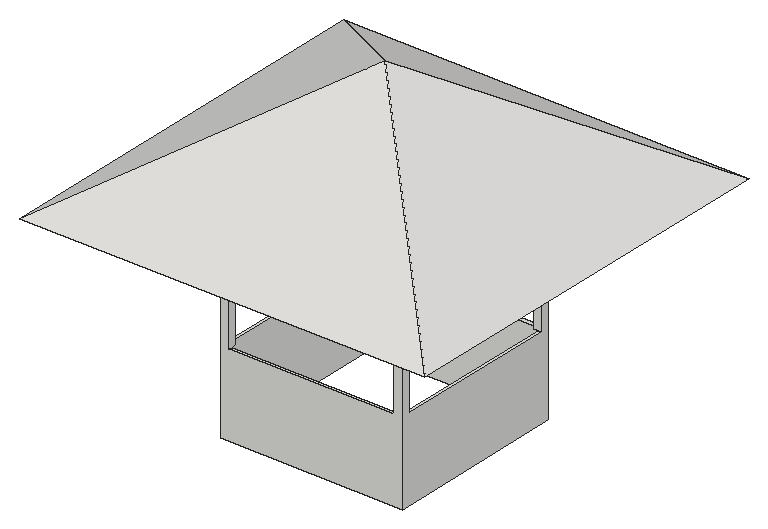
Revit family "НЕВАТОМ_Козырек защитный ВР, версия 1", category Оборудование, Revit 2017
Family settings
  Размер круглого соединителя = Использовать диаметр
  Тип детали = Нормальный
  На основе рабочей плоскости = Нет
  Всегда вертикально = Нет
  При загрузке вырезать с полостями = Нет
  Общий = Нет
  Точка расчета площади = Нет
Parameters (values of type "Козырек защитный  ВР №3,15")
  толщина козырька = 4 mm
  вверх вырез = H + 10 mm  # 410 mm
  С = 490 mm
  Nevatom_URL = "https://t.me/NEVATOM_Bim_bot"
  L = 100 mm
  H1 = 250 mm
  H = 400 mm
  ADSK_Примечание = ""
  ADSK_Позиция = ""
  ADSK_Наименование = "Козырек защитный  ВР №3,15"
  ADSK_Материал наименование = "сталь оцинкованная"
  ADSK_Марка = "ВР №3,15"
  ADSK_Количество = 1  # constant formula
  ADSK_Код изделия = ""
  ADSK_Завод-изготовитель = "НЕВАТОМ"  # constant formula
  ADSK_Единица измерения = "шт."  # constant formula
  A = 220.5 mm
Types (15, lengths in mm): name | вверх вырез | С | L | H1 | H | ADSK_Наименование | ADSK_Марка | A
  (no name) | 410 | 490 | 100 | 250 | 400 | "Козырек защитный  ВР №3,15" | "ВР №3,15" | 220.5
  Козырек защитный  ВР №2,0 | 280 | 310 | 100 | 200 | 270 | "Козырек защитный  ВР №2,0" | "ВР №2,0" | 140
  Козырек защитный  ВР №2,5 | 280 | 360 | 100 | 200 | 270 | "Козырек защитный  ВР №2,5" | "ВР №2,5" | 175
  Козырек защитный  ВР №3,15 | 410 | 490 | 100 | 250 | 400 | "Козырек защитный  ВР №3,15" | "ВР №3,15" | 220.5
  Козырек защитный  ВР №4,0 | 410 | 540 | 100 | 250 | 400 | "Козырек защитный  ВР №4,0" | "ВР №4,0" | 280
  Козырек защитный  ВР №4,5 | 410 | 540 | 100 | 250 | 400 | "Козырек защитный  ВР №4,5" | "ВР №4,5" | 315
  Козырек защитный  ВР №5,0 | 410 | 590 | 100 | 250 | 400 | "Козырек защитный  ВР №5,0" | "ВР №5,0" | 350
  Козырек защитный  ВР №5,6 | 410 | 640 | 100 | 250 | 400 | "Козырек защитный  ВР №5,6" | "ВР №5,6" | 392
  Козырек защитный  ВР №6,3 | 410 | 655 | 100 | 250 | 400 | "Козырек защитный  ВР №6,3" | "ВР №6,3" | 441
  Козырек защитный  ВР №7,1 | 410 | 690 | 100 | 250 | 400 | "Козырек защитный  ВР №7,1" | "ВР №7,1" | 497
  Козырек защитный  ВР №8,0 | 490 | 950 | 30 | 280 | 480 | "Козырек защитный  ВР №8,0" | "ВР №8,0" | 560
  Козырек защитный  ВР №9,0 | 490 | 1050 | 30 | 280 | 480 | "Козырек защитный  ВР №9,0" | "ВР №9,0" | 630
  Козырек защитный  ВР №10,0 | 490 | 1100 | 30 | 280 | 480 | "Козырек защитный  ВР №10,0" | "ВР №10,0" | 700
  Козырек защитный  ВР №11,2 | 590 | 1280 | 30 | 330 | 580 | "Козырек защитный  ВР №11,2" | "ВР №11,2" | 784
  Козырек защитный  ВР №12,5 | 590 | 1330 | 30 | 330 | 580 | "Козырек защитный  ВР №12,5" | "ВР №12,5" | 875
Reference planes
  plane 1 "По центру (Вперед/Назад)": y = 0
  plane 2: z = 0
  plane 3 "По центру (Влево/Вправо)": x = 0
  plane 4: z = 400
  plane 5: y = 110.25
  plane 6: x = -110.25
  plane 7: y = -110.25
  plane 8: x = 110.25
  plane 9: z = 100
  plane 10: z = 250
  plane 11: x = -245
  plane 12: x = 245
  plane 13: y = -245
  plane 14: y = 245
  plane 15: z = 410
Forms (mm)
  Extrusion 1, solid, material "Сталь оцинкованная"
    sketch origin (0, 0, 0) x (1, 0, 0) y (0, 1, 0)
      loop
        line (-110.25, 110.25) -> (-110.25, -110.25) -> (110.25, -110.25) -> (110.25, 110.25) -> (-110.25, 110.25)
      loop
        line (-106.25, 106.25) -> (-106.25, -106.25) -> (106.25, -106.25) -> (106.25, 106.25) -> (-106.25, 106.25)
    from 0 to 100
  Extrusion 2, solid, material "Сталь оцинкованная"
    sketch origin (0, -11.311, 0) x (1, 0, 0) y (0, 1, 0)
      loop
        line (-245, 256.311) -> (-245, -233.689) -> (245, -233.689) -> (245, 256.311) -> (-245, 256.311)
    from 250 to 400
  Extrusion 3, void
    sketch origin (0, 0, 0) x (1, 0, 0) y (0, 0, 1)
      loop
        line (245, 250) -> (245, 410) -> (0, 410) -> (-245, 410) -> (-245, 250) -> (0, 400) -> (245, 250)
    from -245 to 245
  Extrusion 4, void
    sketch origin (960, 0, 0) x (0, -1, 0) y (0, 0, 1)
      loop
        line (245, 250) -> (245, 410) -> (0, 410) -> (-245, 410) -> (-245, 250) -> (0, 400) -> (245, 250)
    from 715 to 1205
  Extrusion 5, solid, material "Сталь оцинкованная"
    sketch origin (40, 40, 0) x (1, 0, 0) y (0, 1, 0)
      loop
        line (-150.25, -150.25) -> (-140.25, -150.25) -> (-140.25, -140.525) -> (-150.25, -140.525) -> (-150.25, -150.25)
    from 100 to 250
  Extrusion 6, solid, material "Сталь оцинкованная"
    sketch origin (-40, 40, 0) x (-1, 0, 0) y (0, -1, 0)
      loop
        line (-150.25, 150.25) -> (-150.25, 140.525) -> (-140.25, 140.525) -> (-140.25, 150.25) -> (-150.25, 150.25)
    from 100 to 250
  Extrusion 7, solid, material "Сталь оцинкованная"
    sketch origin (-40, -40, 0) x (-1, 0, 0) y (0, -1, 0)
      loop
        line (-150.25, -150.25) -> (-140.25, -150.25) -> (-140.25, -140.525) -> (-150.25, -140.525) -> (-150.25, -150.25)
    from 100 to 250
  Extrusion 8, solid, material "Сталь оцинкованная"
    sketch origin (40, -40, 0) x (1, 0, 0) y (0, 1, 0)
      loop
        line (-150.25, 150.25) -> (-150.25, 140.525) -> (-140.25, 140.525) -> (-140.25, 150.25) -> (-150.25, 150.25)
    from 100 to 250
Cuts and joins
  Extrusion 3, Extrusion 4 cuts Extrusion 2
  joined: Extrusion 1, Extrusion 2, Extrusion 5, Extrusion 6, Extrusion 7, Extrusion 8
Dimensions and locks
  equal spacing: plane 6, plane 3 "По центру (Влево/Вправо)", plane 8
  equal spacing: plane 5, plane 1 "По центру (Вперед/Назад)", plane 7
  "A": plane 6 to plane 8
  "A": plane 5 to plane 7
  "толщина козырька": Extrusion 1 sketch curve to Extrusion 1 sketch curve  (x4)
  "L": plane 9 to level
  "H1": plane 10 to level
  "H": plane 4 to level
  equal spacing: plane 11, plane 3 "По центру (Влево/Вправо)", plane 12
  equal spacing: plane 14, plane 1 "По центру (Вперед/Назад)", plane 13
  "С": plane 11 to plane 12
  "С": plane 14 to plane 13
  plane 11 to plane 12 = 490 mm
  plane 14 to plane 13 = 490 mm
  "вверх вырез": plane 15 to level
  Extrusion 5 sketch curve to Extrusion 5 sketch curve = 9.725 mm
  Extrusion 5 sketch curve to Extrusion 5 sketch curve = 10 mm
  locked: Extrusion 5 to Extrusion 5 at 9.725
  locked: Extrusion 5 to Extrusion 5 at 10
  Extrusion 6 sketch curve to Extrusion 6 sketch curve = 9.725 mm
  Extrusion 6 sketch curve to Extrusion 6 sketch curve = 10 mm
  locked: Extrusion 6 to Extrusion 6 at 9.725
  locked: Extrusion 6 to Extrusion 6 at 10
  Extrusion 7 sketch curve to Extrusion 7 sketch curve = 9.725 mm
  Extrusion 7 sketch curve to Extrusion 7 sketch curve = 10 mm
  locked: Extrusion 7 to Extrusion 7 at 9.725
  locked: Extrusion 7 to Extrusion 7 at 10
  Extrusion 8 sketch curve to Extrusion 8 sketch curve = 9.725 mm
  Extrusion 8 sketch curve to Extrusion 8 sketch curve = 10 mm
  locked: Extrusion 8 to Extrusion 8 at 9.725
  locked: Extrusion 8 to Extrusion 8 at 10
  aligned and locked: level to plane 2
  aligned and locked: Extrusion 1 sketch curve to plane 5
  aligned and locked: Extrusion 1 sketch curve to plane 6
  aligned and locked: plane 7 to Extrusion 1 sketch curve
  aligned and locked: plane 8 to Extrusion 1 sketch curve
  aligned and locked: plane 9 to Extrusion 1
  aligned and locked: Extrusion 2 sketch curve to plane 12
  aligned and locked: plane 11 to Extrusion 2 sketch curve
  aligned and locked: Extrusion 2 to plane 4
  aligned and locked: Extrusion 2 to plane 10
  aligned and locked: Extrusion 2 to plane 13
  aligned and locked: plane 12 to Extrusion 3 sketch curve
  aligned and locked: plane 15 to Extrusion 3 sketch curve
  aligned and locked: plane 11 to Extrusion 3 sketch curve
  aligned and locked: Extrusion 3 sketch curve to plane 15
  aligned and locked: plane 14 to Extrusion 3
  aligned and locked: Extrusion 3 to plane 13
  aligned and locked: Extrusion 4 to plane 11
  aligned and locked: plane 12 to Extrusion 4
  aligned and locked: Extrusion 5 to plane 7
  aligned and locked: plane 5 to Extrusion 7
  aligned and locked: Extrusion 7 to plane 8
  aligned and locked: plane 6 to Extrusion 8  (x2)
  aligned and locked: plane 6 to Extrusion 5
  aligned and locked: Extrusion 6 to plane 8
  aligned and locked: plane 10 to cut or joined group 1 (Extrusion 1, Extrusion 2, Extrusion 3, Extrusion 4, Extrusion 5, Extrusion 6, Extrusion 7, Extrusion 8)  (x4)
  aligned and locked: cut or joined group 1 to plane 9  (x4)
Automatic sketch dimensions
  Extrusion 2 sketch curve to plane 13 = 0 mm
  Extrusion 2 sketch curve to plane 14 = 0 mm
  Extrusion 3 sketch curve to plane 3 "По центру (Влево/Вправо)" = 0 mm  (x2)
  Extrusion 3 sketch curve to plane 10 = 0 mm  (x2)
  Extrusion 3 sketch curve to plane 4 = 0 mm
  Extrusion 4 sketch curve to plane 10 = 0 mm  (x2)
  Extrusion 4 sketch curve to plane 14 = 0 mm
  Extrusion 4 sketch curve to plane 1 "По центру (Вперед/Назад)" = 0 mm  (x2)
  Extrusion 4 sketch curve to plane 13 = 0 mm
  plane 4 to Extrusion 4 sketch curve = 0 mm
  Extrusion 4 sketch curve to plane 15 = 0 mm
  plane 6 to Extrusion 5 sketch curve = 0 mm
  Extrusion 5 sketch curve to plane 7 = 0 mm
  plane 8 to Extrusion 6 sketch curve = 0 mm
  Extrusion 6 sketch curve to plane 7 = 0 mm
  Extrusion 7 sketch curve to plane 8 = 0 mm
  Extrusion 7 sketch curve to plane 5 = 0 mm
  plane 6 to Extrusion 8 sketch curve = 0 mm
  Extrusion 8 sketch curve to plane 5 = 0 mm
Connectors
  hvac at (0, 0, 0), driven by "A", driven by "A"
    settings: on cut or joined group 1, index 1, duct flow 0.0 L/s, flow factor 0, pres drop 0.0 Pa, loss coef 0, conn angle 0.00°, conn width 220.5 mm, conn height 220.5 mm, conn diameter 609.6 mm, duct sys type 29, conn prof type 1, flow config 0, flow direction 0, loss method 0, conn ref index -1, conn util no, is conn primary yes, conn desc ""
